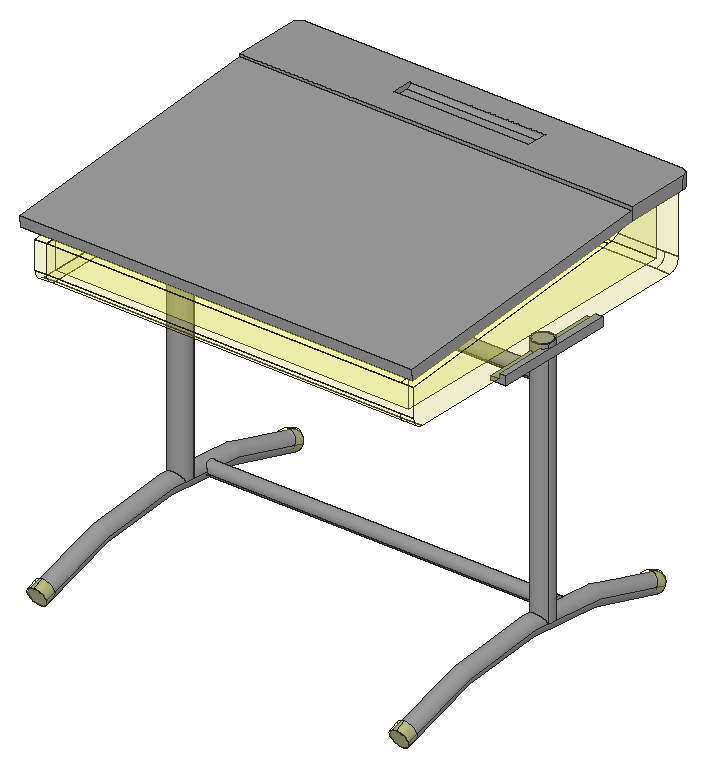
Revit family "prima 1128", category Furniture, Revit 2015
Parameters (values of type "Prima 1130 -4, height 610")
  table height = 610 mm
  Type Comments = "Available as antimicrobial"  # constant formula
  Table material = Birch
  Uniclass 2.0 Description = ""
  Uniclass 2.0 Code = ""
  Uniclass 1.4 Description = ""
  Uniclass 1.4 Code = ""
  URL = "www.isku.fi"
  UNSPSC Code = ""
  Talo 2000 Hankenimike = ""
  Foot pad material = Rubber
  ProdLibID = ""
  NBS Reference Description = ""
  NBS Reference Code = ""
  Manufacturer = "Isku Oy"  # constant formula
  IFC Classification = ""
  Table colour [instance] = Green paint
  EAN Code = ""
  Frame material = Chrome
  COBIe Type Category = ""
  Author = "ProdLib Oy"  # constant formula
Types (4, lengths in mm): name | table height
  (no name) | 610
  Prima 1130 -5, height 680 | 680
  Prima 1130 -4, height 610 | 610
  Prima 1130 -6, height 750 | 750
Reference planes
  plane 1 "Center (Front/Back)": y = 0
  plane 2: z = 0
  plane 3 "Center (Left/Right)": x = 0
  plane 4: z = 466
  plane 5: z = 610
Forms (mm)
  Extrusion 1, solid, material "Chrome" <- "Frame material"
    sketch origin (0, 0, 0) x (0, 1, 0) y (0, 0, 1)
      loop
        circle (0.435, 426.01) r 10.824
    from -290.201 to 290.201
  Extrusion 2, solid, material "Chrome" <- "Frame material"
    sketch origin (0, 0, 0) x (0, 1, 0) y (0, 0, 1)
      loop
        circle (46.624, 61.263) r 10.824
    from -289.247 to 289.091
  Extrusion 3, solid, material "Chrome" <- "Frame material"
    sketch origin (0, 0, 0) x (1, 0, 0) y (0, 1, 0)
      loop
        circle (-300, 0.435) r 17.318
    from 64.784 to 479.784
  Extrusion 4, solid, material "Chrome" <- "Frame material"
    sketch origin (0, 0, 0) x (1, 0, 0) y (0, 1, 0)
      loop
        arc (-314, -5.364) -> (-305.825, 14.499) -> (-286, 6.234) r 15.154
        arc (-286, 6.234) -> (-294.291, -13.528) -> (-314.053, -5.237) r 15.154
    from 479.784 to 466
  Sweep 5, solid, material "Chrome" <- "Frame material"
    path origin (0, -0.037, 4.16) x (0, 1, 0) y (0, 0, 1)
      loop
        arc (-291.386, 0) -> (-30.559, 50.472) -> (230.268, 0) r 699.179
    profile origin (0, -30.597, 54.633) x (0, 0, 1) y (1, 0, 0)
      loop
        circle (10.8, -300) r 15
  Sweep 6, solid, material "Chrome" <- "Frame material"
    path origin (0, -0.037, 4.16) x (0, 1, 0) y (0, 0, -1)
      loop
        arc (-291.386, 0) -> (-30.559, -50.472) -> (230.268, 0) r 699.179
    profile origin (0, -30.597, 54.633) x (0, 0, -1) y (-1, 0, 0)
      loop
        circle (-10.8, -300) r 15
  Extrusion 7, solid, material "Chrome" <- "Frame material"
    sketch origin (0, 0, 0) x (-1, 0, 0) y (0, -1, 0)
      loop
        circle (-300, -0.435) r 17.318
    from 64.784 to 479.784
  Extrusion 8, solid, material "Chrome" <- "Frame material"
    sketch origin (0, 0, 0) x (-1, 0, 0) y (0, -1, 0)
      loop
        arc (-314, 5.364) -> (-305.825, -14.499) -> (-286, -6.234) r 15.154
        arc (-286, -6.234) -> (-294.291, 13.528) -> (-314.053, 5.237) r 15.154
    from 479.784 to 466
  Sweep 9, solid, material "Rubber" <- "Foot pad material"
    path origin (0, 0, 0) x (0, 1, 0) y (0, 0, 1)
      loop
        arc (229.409, -0.041) -> (221.067, 3.308) -> (212.681, 6.548) r 686.751
    profile origin (0, 221.067, 3.308) x (0, -0.366455, -0.930436) y (1, 0, 0)
      loop
        circle (-16, 300) r 16
  Sweep 10, solid, material "Rubber" <- "Foot pad material"
    path origin (0, 0, 0) x (0, 1, 0) y (0, 0, -1)
      loop
        arc (229.409, 0.041) -> (221.067, -3.308) -> (212.681, -6.548) r 686.751
    profile origin (0, 221.067, 3.308) x (0, 0.366455, 0.930436) y (-1, 0, 0)
      loop
        circle (16, 300) r 16
  Sweep 11, solid, material "Rubber" <- "Foot pad material"
    path origin (0, -61.073, -0.008) x (0, -1, 0) y (0, 0, 1)
      loop
        arc (229.409, -0.041) -> (221.067, 3.308) -> (212.681, 6.548) r 686.751
    profile origin (0, -282.14, 3.3) x (0, 0.366455, -0.930436) y (-1, 0, 0)
      loop
        circle (-16, 300) r 16
  Sweep 12, solid, material "Rubber" <- "Foot pad material"
    path origin (0, -61.073, -0.008) x (0, -1, 0) y (0, 0, -1)
      loop
        arc (229.409, 0.041) -> (221.067, -3.308) -> (212.681, -6.548) r 686.751
    profile origin (0, -282.14, 3.3) x (0, -0.366455, 0.930436) y (1, 0, 0)
      loop
        circle (16, 300) r 16
Lines and regions (mm)
  symbolic lines
    curve 1: line (304.607, 281.698, 0) -> (-315.393, 281.698, 0)
    curve 2: arc (-315.393, 281.698, 0) -> (-326, 277.304, 0) -> (-330.393, 266.698, 0) r 15
    curve 3: line (-330.393, 266.698, 0) -> (-330.393, 161.698, 0)
    curve 4: line (-330.393, 161.698, 0) -> (-330.393, -294.262, 0)
    curve 5: line (-330.393, -294.262, 0) -> (319.607, -294.262, 0)
    curve 6: line (319.607, -294.262, 0) -> (319.607, 161.698, 0)
    curve 7: line (319.607, 161.698, 0) -> (319.607, 266.698, 0)
    curve 8: arc (319.607, 266.698, 0) -> (315.214, 277.304, 0) -> (304.607, 281.698, 0) r 15
    curve 9: line (-330.393, 161.698, 0) -> (319.607, 161.698, 0)
Dimensions and locks
  locked: plane 4 to Extrusion 1 sketch curve at 29.166
  locked: plane 5 to plane 4 at 144
  "table height": plane 5 to level
  aligned and locked: level to plane 2
  aligned and locked: plane 3 "Center (Left/Right)" to nested 1
  aligned and locked: plane 1 "Center (Front/Back)" to nested 1
  aligned and locked: Extrusion 8 to Extrusion 4
  aligned and locked: plane 4 to Extrusion 4
  aligned and locked: plane 4 to nested 1
Automatic sketch dimensions
  Extrusion 1 sketch curve to Extrusion 1 sketch curve = 0 mm  (x2)
  Extrusion 1 sketch curve to plane 1 "Center (Front/Back)" = 0.435 mm
  Extrusion 1 sketch curve to plane 4 = 39.99 mm
  plane 1 "Center (Front/Back)" to Extrusion 1 sketch curve = 9.565 mm
  Extrusion 1 sketch curve to plane 1 "Center (Front/Back)" = 10.435 mm
  Extrusion 2 sketch curve to Extrusion 2 sketch curve = 0 mm  (x2)
  Extrusion 2 sketch curve to plane 1 "Center (Front/Back)" = 46.624 mm
  level to Extrusion 2 sketch curve = 61.263 mm
  Extrusion 2 sketch curve to Extrusion 2 sketch curve = 10 mm  (x2)
  Extrusion 2 sketch curve to Extrusion 2 sketch curve = 4.142 mm
  Extrusion 3 sketch curve to Extrusion 3 sketch curve = 0 mm  (x2)
  Extrusion 3 sketch curve to plane 1 "Center (Front/Back)" = 0.435 mm
  Extrusion 3 sketch curve to plane 3 "Center (Left/Right)" = 300 mm
  plane 1 "Center (Front/Back)" to Extrusion 3 sketch curve = 6.192 mm
  Extrusion 3 sketch curve to Extrusion 3 sketch curve = 16 mm
  Extrusion 3 sketch curve to plane 1 "Center (Front/Back)" = 7.062 mm
  Extrusion 4 sketch curve to Extrusion 4 sketch curve = 0 mm  (x2)
  Extrusion 4 sketch curve to plane 1 "Center (Front/Back)" = 0.499 mm
  Extrusion 4 sketch curve to plane 3 "Center (Left/Right)" = 300.026 mm
  plane 1 "Center (Front/Back)" to Extrusion 4 sketch curve = 5.364 mm
  Extrusion 4 sketch curve to Extrusion 4 sketch curve = 13.974 mm
  Extrusion 4 sketch curve to Extrusion 4 sketch curve = 0.053 mm
  Extrusion 4 sketch curve to plane 1 "Center (Front/Back)" = 6.234 mm
  plane 1 "Center (Front/Back)" to Sweep 5 sketch curve = 30.597 mm
  Sweep 5 sketch curve to level = 644.546 mm
  level to Sweep 5 sketch curve = 4.16 mm  (x2)
  plane 1 "Center (Front/Back)" to Sweep 5 sketch curve = 291.424 mm
  Sweep 5 sketch curve to profile plane = 10.8 mm
  Sweep 5 sketch curve to plane 3 "Center (Left/Right)" = 300 mm
  plane 1 "Center (Front/Back)" to Sweep 6 sketch curve = 30.597 mm
  Sweep 6 sketch curve to level = 644.546 mm
  level to Sweep 6 sketch curve = 4.16 mm  (x2)
  plane 1 "Center (Front/Back)" to Sweep 6 sketch curve = 291.424 mm
  profile plane to Sweep 6 sketch curve = 10.8 mm
  Sweep 6 sketch curve to profile plane = 300 mm
  Extrusion 7 sketch curve to Extrusion 7 sketch curve = 0 mm  (x2)
  plane 1 "Center (Front/Back)" to Extrusion 7 sketch curve = 0.435 mm
  Extrusion 7 sketch curve to plane 3 "Center (Left/Right)" = 300 mm
  Extrusion 7 sketch curve to plane 1 "Center (Front/Back)" = 6.192 mm
  Extrusion 7 sketch curve to Extrusion 7 sketch curve = 16 mm
  plane 1 "Center (Front/Back)" to Extrusion 7 sketch curve = 7.062 mm
  Extrusion 8 sketch curve to Extrusion 8 sketch curve = 0 mm  (x2)
  plane 1 "Center (Front/Back)" to Extrusion 8 sketch curve = 0.499 mm
  Extrusion 8 sketch curve to plane 3 "Center (Left/Right)" = 300.026 mm
  Extrusion 8 sketch curve to plane 1 "Center (Front/Back)" = 5.364 mm
  Extrusion 8 sketch curve to Extrusion 8 sketch curve = 13.974 mm
  Extrusion 8 sketch curve to Extrusion 8 sketch curve = 0.053 mm
  plane 1 "Center (Front/Back)" to Extrusion 8 sketch curve = 6.234 mm
  plane 1 "Center (Front/Back)" to Sweep 9 sketch curve = 30.597 mm
  Sweep 9 sketch curve to level = 635.67 mm
  level to Sweep 9 sketch curve = 6.548 mm
  Sweep 9 sketch curve to plane 1 "Center (Front/Back)" = 212.681 mm
  Sweep 9 sketch curve to level = 0.041 mm
  profile plane to Sweep 9 sketch curve = 16 mm
  plane 3 "Center (Left/Right)" to Sweep 9 sketch curve = 300 mm
  plane 1 "Center (Front/Back)" to Sweep 10 sketch curve = 30.597 mm
  Sweep 10 sketch curve to level = 635.67 mm
  level to Sweep 10 sketch curve = 6.548 mm
  Sweep 10 sketch curve to plane 1 "Center (Front/Back)" = 212.681 mm
  Sweep 10 sketch curve to level = 0.041 mm
  Sweep 10 sketch curve to profile plane = 16 mm
  profile plane to Sweep 10 sketch curve = 300 mm
  plane 1 "Center (Front/Back)" to Sweep 11 sketch curve = 30.476 mm
  Sweep 11 sketch curve to level = 635.678 mm
  level to Sweep 11 sketch curve = 6.539 mm
  plane 1 "Center (Front/Back)" to Sweep 11 sketch curve = 273.754 mm
  Sweep 11 sketch curve to level = 0.049 mm
  profile plane to Sweep 11 sketch curve = 16 mm
  profile plane to Sweep 11 sketch curve = 300 mm
  plane 1 "Center (Front/Back)" to Sweep 12 sketch curve = 30.476 mm
  Sweep 12 sketch curve to level = 635.678 mm
  level to Sweep 12 sketch curve = 6.539 mm
  plane 1 "Center (Front/Back)" to Sweep 12 sketch curve = 273.754 mm
  Sweep 12 sketch curve to level = 0.049 mm
  Sweep 12 sketch curve to profile plane = 16 mm
  profile plane to Sweep 12 sketch curve = 300 mm
  curve 2 to plane 3 "Center (Left/Right)" = 315.393 mm
  curve 2 to plane 1 "Center (Front/Back)" = 266.698 mm
  curve 2 to curve 1 = 15 mm
  plane 3 "Center (Left/Right)" to curve 1 = 304.607 mm
  curve 3 to curve 2 = 105 mm
  plane 1 "Center (Front/Back)" to curve 4 = 294.262 mm
  curve 7 to curve 1 = 15 mm
  radius of Sweep 5 sketch curve = 15 mm
  radius of Sweep 6 sketch curve = 15 mm
  radius of Sweep 9 sketch curve = 16 mm
  radius of Sweep 10 sketch curve = 16 mm
  radius of Sweep 11 sketch curve = 16 mm
  radius of Sweep 12 sketch curve = 16 mm
Nested families
  nested 1: "prima 1128 table part" at (0, 0, -205.537), Table cover colour <- "Table colour", type "prima 1128 table part"
    with Table cover colour Green paint
Definition of nested family "prima 1128 table part"
  Parameters
    Table material = none
    Uniclass 2.0 Description = ""
    Uniclass 2.0 Code = ""
    Uniclass 1.4 Description = ""
    Uniclass 1.4 Code = ""
    URL = "www.isku.fi"
    UNSPSC Code = ""
    Talo 2000 Hankenimike = ""
    Table height = 671.537 mm
    ProdLibID = ""
    NBS Reference Description = ""
    NBS Reference Code = ""
    Manufacturer = "Isku Oy"  # constant formula
    IFC Classification = ""
    Table cover colour [instance] = none
    EAN Code = ""
    Frame material = none
    COBIe Type Category = ""
    Author = "ProdLib Oy"  # constant formula
  Reference planes
    plane 1 "Center (Front/Back)": y = 0
    plane 2: z = 0
    plane 3 "Center (Left/Right)": x = 0
    plane 4: z = 671.537
  Forms (mm)
    Extrusion 1, solid, material <- "Table cover colour"
      sketch origin (0, 0, 0) x (0, 1, 0) y (0, 0, 1)
        loop
          line (161.698, 815.537) -> (161.698, 795.537) -> (266.698, 795.537) -> (266.698, 815.537) -> (161.698, 815.537)
      from -330.393 to 319.607
    Extrusion 2, solid, material <- "Table cover colour"
      sketch origin (0, 0, 0) x (1, 0, 0) y (0, 1, 0)
        loop
          line (304.607, 281.698) -> (-315.393, 281.698)
          arc (-315.393, 281.698) -> (-326, 277.304) -> (-330.393, 266.698) r 15
          line (-330.393, 266.698) -> (319.607, 266.698)
          arc (319.607, 266.698) -> (315.214, 277.304) -> (304.607, 281.698) r 15
      from 795.537 to 815.537
    Extrusion 3, void
      sketch origin (0, 0, 0) x (0, 1, 0) y (0, 0, 1)
        loop
          arc (233.698, 807.537) -> (239.354, 809.88) -> (241.698, 815.537) r 8
          line (241.698, 815.537) -> (206.698, 815.537)
          arc (206.698, 815.537) -> (209.041, 809.88) -> (214.698, 807.537) r 8
          line (214.698, 807.537) -> (233.698, 807.537)
      from -112.53 to 111.427
    Extrusion 4, solid, material <- "Table cover colour"
      sketch origin (0, 0, 0) x (0, 1, 0) y (0, 0, 1)
        loop
          line (-292.951, 758.183) -> (161.516, 795.537) -> (160.206, 811.483) -> (-294.262, 774.13) -> (-292.951, 758.183)
      from -330.393 to 319.607
    Extrusion 5, solid, material <- "Table material"
      sketch origin (0, 0, 0) x (0, 1, 0) y (0, 0, 1)
        loop
          line (126.661, 772.354) -> (-276.484, 735.537) -> (-276.484, 689.537)
          arc (-276.484, 689.537) -> (-271.212, 676.809) -> (-258.484, 671.537) r 18
          line (-258.484, 671.537) -> (253.516, 671.537)
          arc (253.516, 671.537) -> (266.244, 676.809) -> (271.516, 689.537) r 18
          line (271.516, 689.537) -> (271.516, 795.537) -> (161.698, 795.537)
          arc (161.698, 795.537) -> (147.099, 779.533) -> (126.661, 772.354) r 44.345
      from 286 to 308.607
    Extrusion 6, solid, material <- "Table material"
      sketch origin (0, 0, 0) x (0, 1, 0) y (0, 0, 1)
        loop
          line (126.661, 772.354) -> (-276.484, 735.537) -> (-276.484, 689.537)
          arc (-276.484, 689.537) -> (-271.212, 676.809) -> (-258.484, 671.537) r 18
          line (-258.484, 671.537) -> (253.516, 671.537)
          arc (253.516, 671.537) -> (266.244, 676.809) -> (271.516, 689.537) r 18
          line (271.516, 689.537) -> (271.516, 795.537) -> (161.698, 795.537)
          arc (161.698, 795.537) -> (147.099, 779.533) -> (126.661, 772.354) r 44.345
      from -319.393 to -300
    Extrusion 7, solid, material <- "Table material"
      sketch origin (0, 0, 0) x (0, 1, 0) y (0, 0, 1)
        loop
          line (253.516, 795.537) -> (253.516, 687.537) -> (-258.484, 687.537) -> (-258.484, 735.537) -> (-276.484, 735.537) -> (-276.484, 689.537)
          arc (-276.484, 689.537) -> (-271.212, 676.809) -> (-258.484, 671.537) r 18
          line (-258.484, 671.537) -> (253.516, 671.537)
          arc (253.516, 671.537) -> (266.244, 676.809) -> (271.516, 689.537) r 18
          line (271.516, 689.537) -> (271.516, 795.537) -> (253.516, 795.537)
      from -300 to 286
    Extrusion 8, solid, material <- "Frame material"
      sketch origin (-615.237, -82.615, 0) x (-1, 0, 0) y (0, 0, 1)
        loop
          line (-306.677, 678.355) -> (-308.677, 678.355) -> (-308.677, 648.355)
          arc (-308.677, 648.355) -> (-322.677, 634.355) -> (-336.677, 648.355) r 14
          line (-336.677, 648.355) -> (-338.56, 648.355)
          arc (-338.56, 648.355) -> (-322.618, 632.414) -> (-306.677, 648.355) r 15.941
          line (-306.677, 648.355) -> (-306.677, 678.355)
      from 35.308 to 47.308
    Extrusion 9, solid, material <- "Frame material"
      sketch origin (0, 0, 0) x (1, 0, 0) y (0, 0, 1)
        loop
          line (-300, 665.1) -> (-300, 671.537) -> (-319.393, 671.537) -> (-319.393, 679.784) -> (-326.703, 679.784) -> (-326.703, 665.1) -> (-300, 665.1)
      from -100.435 to 99.565
    Extrusion 10, solid, material <- "Frame material"
      sketch origin (0, 0, 0) x (-1, 0, 0) y (0, 0, -1)
        loop
          line (-293.563, -665.1) -> (-319.607, -665.1) -> (-319.607, -679.784) -> (-308.607, -679.784) -> (-308.607, -671.537) -> (-293.563, -671.537) -> (-293.563, -665.1)
      from -100.435 to 99.565
  Cuts and joins
    Extrusion 3 cuts Extrusion 1
    joined: Extrusion 1, Extrusion 2
    joined: Extrusion 5, Extrusion 7
  Dimensions and locks
    "Table height": plane 4 to level
    aligned and locked: level to plane 2
    aligned and locked: Extrusion 6 to plane 4
  Automatic sketch dimensions
    Extrusion 1 sketch curve to plane 1 "Center (Front/Back)" = 161.698 mm
    Extrusion 1 sketch curve to Extrusion 1 sketch curve = 105 mm
    plane 4 to Extrusion 1 sketch curve = 124 mm
    Extrusion 1 sketch curve to Extrusion 1 sketch curve = 20 mm
    Extrusion 2 sketch curve to plane 3 "Center (Left/Right)" = 330.393 mm
    Extrusion 2 sketch curve to Extrusion 2 sketch curve = 15 mm
    plane 3 "Center (Left/Right)" to Extrusion 2 sketch curve = 304.607 mm
    Extrusion 2 sketch curve to plane 1 "Center (Front/Back)" = 266.698 mm
    Extrusion 3 sketch curve to plane 1 "Center (Front/Back)" = 206.698 mm
    Extrusion 3 sketch curve to Extrusion 3 sketch curve = 8 mm
    Extrusion 3 sketch curve to Extrusion 3 sketch curve = 19 mm
    plane 4 to Extrusion 3 sketch curve = 136 mm
    plane 4 to Extrusion 4 sketch curve = 102.593 mm
    plane 1 "Center (Front/Back)" to Extrusion 4 sketch curve = 294.262 mm
    plane 4 to Extrusion 4 sketch curve = 86.647 mm
    Extrusion 4 sketch curve to Extrusion 4 sketch curve = 1.311 mm
    plane 4 to Extrusion 4 sketch curve = 139.946 mm
    Extrusion 5 sketch curve to plane 4 = 0 mm
    plane 4 to Extrusion 5 sketch curve = 64 mm
    plane 1 "Center (Front/Back)" to Extrusion 5 sketch curve = 276.484 mm
    Extrusion 5 sketch curve to Extrusion 5 sketch curve = 18 mm
    Extrusion 5 sketch curve to plane 1 "Center (Front/Back)" = 122.628 mm
    Extrusion 5 sketch curve to Extrusion 5 sketch curve = 4.033 mm
    Extrusion 5 sketch curve to Extrusion 5 sketch curve = 35.036 mm
    plane 4 to Extrusion 5 sketch curve = 18 mm
    Extrusion 5 sketch curve to Extrusion 5 sketch curve = 91.819 mm
    plane 4 to Extrusion 5 sketch curve = 100.817 mm
    Extrusion 5 sketch curve to Extrusion 5 sketch curve = 106 mm
    Extrusion 6 sketch curve to plane 4 = 0 mm
    plane 4 to Extrusion 6 sketch curve = 64 mm
    plane 1 "Center (Front/Back)" to Extrusion 6 sketch curve = 276.484 mm
    Extrusion 6 sketch curve to Extrusion 6 sketch curve = 18 mm
    Extrusion 6 sketch curve to plane 1 "Center (Front/Back)" = 122.628 mm
    Extrusion 6 sketch curve to Extrusion 6 sketch curve = 4.033 mm
    Extrusion 6 sketch curve to Extrusion 6 sketch curve = 35.036 mm
    Extrusion 6 sketch curve to Extrusion 6 sketch curve = 91.819 mm
    plane 4 to Extrusion 6 sketch curve = 18 mm
    plane 4 to Extrusion 6 sketch curve = 100.817 mm
    Extrusion 6 sketch curve to Extrusion 6 sketch curve = 23.183 mm
    Extrusion 7 sketch curve to plane 4 = 0 mm
    plane 4 to Extrusion 7 sketch curve = 18 mm
    plane 1 "Center (Front/Back)" to Extrusion 7 sketch curve = 276.484 mm
    Extrusion 7 sketch curve to Extrusion 7 sketch curve = 18 mm  (x2)
    plane 4 to Extrusion 7 sketch curve = 124 mm
    Extrusion 7 sketch curve to plane 1 "Center (Front/Back)" = 253.516 mm
    Extrusion 7 sketch curve to Extrusion 7 sketch curve = 0 mm
    Extrusion 7 sketch curve to Extrusion 7 sketch curve = 2 mm
    Extrusion 7 sketch curve to Extrusion 7 sketch curve = 46 mm
    Extrusion 8 sketch curve to plane 4 = 23.182 mm
    Extrusion 8 sketch curve to plane 3 "Center (Left/Right)" = 276.677 mm
    Extrusion 8 sketch curve to Extrusion 8 sketch curve = 1.882 mm
    Extrusion 8 sketch curve to Extrusion 8 sketch curve = 14 mm
    Extrusion 8 sketch curve to Extrusion 8 sketch curve = 0.059 mm
    plane 4 to Extrusion 8 sketch curve = 6.818 mm
    Extrusion 9 sketch curve to plane 4 = 0 mm
    Extrusion 9 sketch curve to plane 4 = 6.437 mm
    Extrusion 9 sketch curve to plane 3 "Center (Left/Right)" = 326.703 mm
    Extrusion 9 sketch curve to Extrusion 9 sketch curve = 7.31 mm
    Extrusion 9 sketch curve to Extrusion 9 sketch curve = 19.393 mm
    plane 4 to Extrusion 9 sketch curve = 8.247 mm
    Extrusion 10 sketch curve to plane 4 = 0 mm
    plane 4 to Extrusion 10 sketch curve = 6.437 mm
    Extrusion 10 sketch curve to plane 3 "Center (Left/Right)" = 319.607 mm
    Extrusion 10 sketch curve to Extrusion 10 sketch curve = 11 mm
    Extrusion 10 sketch curve to Extrusion 10 sketch curve = 15.044 mm
    Extrusion 10 sketch curve to plane 4 = 8.247 mm
